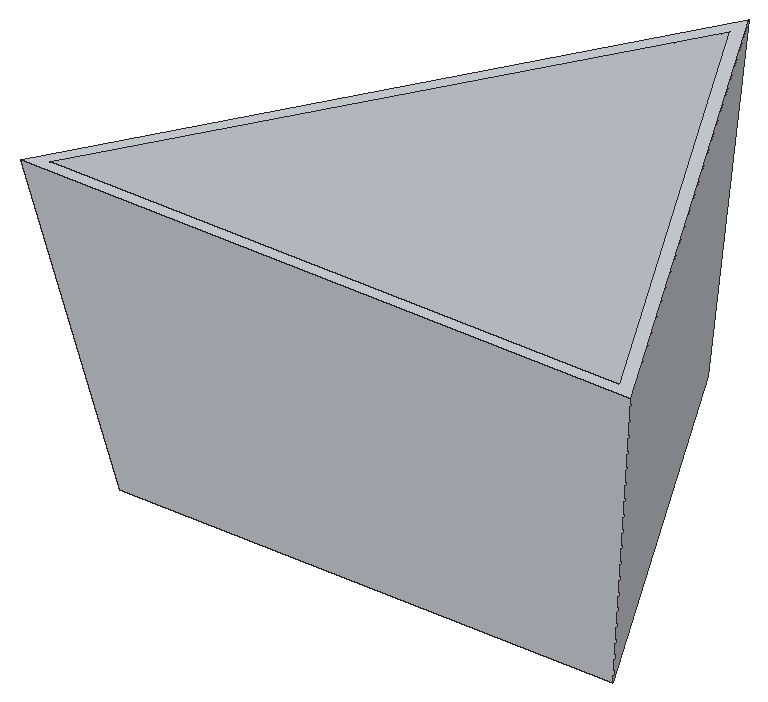
Revit family
Parameters
  spessore = 20 mm
  metà_spessore = spessore / 2  # 10 mm
  metà_lato_sup = lato_sup / 2  # 500 mm
  metà_altezza_sup = altezza_sup / 2  # 433.013 mm
  metà_altezza_inf = altezza_inf / 2  # 346.41 mm
  lato_sup = 1000 mm
  lato_inf = 800 mm
  metà_lato_inf = lato_inf / 2  # 400 mm
  altezza_sup = sqrt(lato_sup ^ 2 - metà_lato_sup ^ 2)  # 866.025 mm
  altezza_prisma = 503.8 mm
  altezza_inf = sqrt(lato_inf ^ 2 - metà_lato_inf ^ 2)  # 692.82 mm
Reference planes
  plane 1 "Center (Front/Back)": y = 0
  plane 2: z = 0
  plane 3 "Center (Left/Right)": x = 0
  plane 4: x = 400
  plane 5: x = -400
  plane 6: y = -346.41
  plane 7: x = 500
  plane 8: x = -500
  plane 9: y = -433.013
  plane 10: y = 433.013
  plane 11: z = 503.8
  plane 12: y = 346.41
Forms (mm)
  Blend 1, solid
    base sketch origin (0, 0, 0) x (1, 0, 0) y (0, 1, 0)
      loop
        line (0, 366.41) -> (-417.321, -356.41) -> (417.321, -356.41) -> (0, 366.41)
    top sketch origin (0, 0, 0) x (1, 0, 0) y (0, 1, 0)
      loop
        line (0, 453.013) -> (-517.321, -443.013) -> (517.321, -443.013) -> (0, 453.013)
    from 0 to 503.8
  Blend 2, void
    base sketch origin (0, 0, 0) x (1, 0, 0) y (0, 1, 0)
      loop
        line (0, 326.41) -> (-382.679, -336.41) -> (382.679, -336.41) -> (0, 326.41)
    top sketch origin (0, 0, 0) x (1, 0, 0) y (0, 1, 0)
      loop
        line (0, 413.013) -> (-482.679, -423.013) -> (482.679, -423.013) -> (0, 413.013)
    from 0 to 503.8
Cuts and joins
  Blend 2 cuts Blend 1
Lines and regions (mm)
  reference lines
    curve 1: line (-500, -433.013, 503.8) -> (500, -433.013, 503.8)
    curve 2: line (500, -433.013, 503.8) -> (0, 433.013, 503.8)
    curve 3: line (0, 433.013, 503.8) -> (-500, -433.013, 503.8)
    curve 4: line (0, 453.013, 503.8) -> (517.321, -443.013, 503.8)
    curve 5: line (482.679, -423.013, 503.8) -> (0, 413.013, 503.8)
    curve 6: line (-482.679, -423.013, 503.8) -> (0, 413.013, 503.8)
    curve 7: line (-517.321, -443.013, 503.8) -> (0, 453.013, 503.8)
    curve 8: line (-517.321, -443.013, 503.8) -> (517.321, -443.013, 503.8)
    curve 9: line (482.679, -423.013, 503.8) -> (-482.679, -423.013, 503.8)
    curve 10: line (-400, -346.41, 0) -> (400, -346.41, 0)
    curve 11: line (400, -346.41, 0) -> (0, 346.41, 0)
    curve 12: line (0, 366.41, 0) -> (417.321, -356.41, 0)
    curve 13: line (417.321, -356.41, 0) -> (-417.321, -356.41, 0)
    curve 14: line (-382.679, -336.41, 0) -> (382.679, -336.41, 0)
    curve 15: line (382.679, -336.41, 0) -> (0, 326.41, 0)
    curve 16: line (0, 346.41, 0) -> (-400, -346.41, 0)
    curve 17: line (0, 366.41, 0) -> (-417.321, -356.41, 0)
    curve 18: line (0, 326.41, 0) -> (-382.679, -336.41, 0)
Dimensions and locks
  "metà_lato_inf": plane 5 to plane 3 "Center (Left/Right)"
  "metà_lato_inf": plane 3 "Center (Left/Right)" to plane 4
  "metà_altezza_inf": plane 6 to plane 1 "Center (Front/Back)"
  "metà_lato_sup": plane 8 to plane 3 "Center (Left/Right)"
  "metà_lato_sup": plane 3 "Center (Left/Right)" to plane 7
  "metà_altezza_sup": plane 10 to plane 1 "Center (Front/Back)"
  "metà_altezza_sup": plane 9 to plane 1 "Center (Front/Back)"
  "metà_spessore": curve 4 to curve 2
  "metà_spessore": curve 2 to curve 5
  "metà_spessore": curve 6 to curve 3
  "metà_spessore": curve 3 to curve 7
  "metà_spessore": curve 9 to curve 1
  "metà_spessore": curve 8 to curve 1
  "altezza_prisma": plane 11 to plane 2
  "metà_altezza_inf": plane 1 "Center (Front/Back)" to plane 12
  "metà_spessore": curve 17 to curve 16
  "metà_spessore": curve 16 to curve 18
  "metà_spessore": curve 10 to curve 14
  "metà_spessore": curve 13 to curve 10
  "metà_spessore": curve 11 to curve 15
  "metà_spessore": curve 12 to curve 11
  aligned and locked: Blend 1 to curve 13
  aligned and locked: Blend 1 to curve 8
  aligned and locked: curve 1 to Blend 2
  aligned and locked: cut or joined group of Blend 1, Blend 2 to curve 8
  aligned and locked: cut or joined group of Blend 1, Blend 2 to curve 13
  aligned and locked: curve 12 to Blend 1 sketch curve
  aligned and locked: Blend 1 sketch curve to curve 17
  aligned and locked: Blend 1 sketch curve to curve 13
  aligned and locked: curve 7 to Blend 1 sketch curve
  aligned and locked: Blend 1 sketch curve to curve 8
  aligned and locked: Blend 1 sketch curve to curve 4
  aligned and locked: Blend 2 sketch curve to curve 18
  aligned and locked: Blend 2 sketch curve to curve 15
  aligned and locked: Blend 2 sketch curve to curve 14
  aligned and locked: Blend 2 sketch curve to curve 6
  aligned and locked: Blend 2 sketch curve to curve 5
  aligned and locked: Blend 2 sketch curve to curve 9
Automatic sketch dimensions
  curve 3 to plane 10 = 0 mm
  curve 2 to plane 9 = 0 mm
  curve 1 to plane 7 = 0 mm
  curve 1 to plane 8 = 0 mm
  curve 5 to plane 3 "Center (Left/Right)" = 0 mm
  curve 16 to plane 5 = 0 mm
  curve 16 to plane 3 "Center (Left/Right)" = 0 mm
  curve 10 to plane 4 = 0 mm
  curve 16 to plane 6 = 0 mm
  curve 11 to plane 12 = 0 mm
